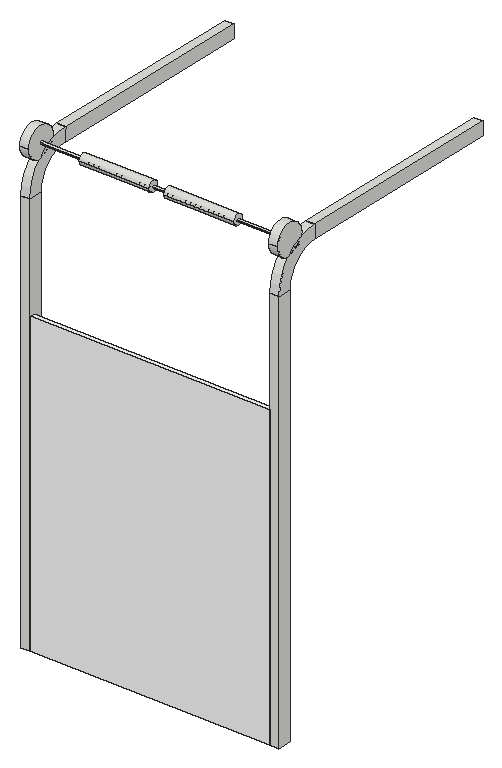
Revit family "Cruiserweight-LH", category Generic Models, host Wall, Revit 2026
Family settings
  Host = Wall
  Can host rebar = No
  Round Connector Dimension = Use Diameter
  Part Type = Normal
  Always vertical = Yes
  Cut with Voids When Loaded = Yes
  Maintain Annotation Orientation = No
  Shared = No
  Room Calculation Point = No
Parameters (values of type "8' x 10'")
  VerticalTrack = TrackHeight - (1' 6")  # 13' - 6"
  Type Comments = "Insulated"  # constant formula
  TrackWidth = 0' - 3 1/2"
  TrackHeight = OpeningHeight + HeadRoom  # 15' - 0"
  TrackDepth = 0' - 5 3/8"
  PanelSize = 2' - 0"  # constant formula
  OpeningWidth = 8' - 0"
  OpeningHeight = 10' - 0"
  Model = "Cruiserweight"  # constant formula
  Manufacturer = "TKO"  # constant formula
  HorizTrack = OpeningHeight - HeadRoom + 2' 0"  # 7' - 0"
  HeadRoom = 5' - 0"  # constant formula
  DoorThk = 0' - 1 3/4"  # constant formula
  Description = "Sectional Door"  # constant formula
  Default Elevation = 0' - 0"
Types (16): name | VerticalTrack | TrackHeight | TrackDepth | OpeningWidth | OpeningHeight | HorizTrack
  (no name) | 13' - 6" | 15' - 0" | 0' - 5 3/8" | 8' - 0" | 10' - 0" | 7' - 0"
  8' x 10' | 13' - 6" | 15' - 0" | 0' - 5 3/8" | 8' - 0" | 10' - 0" | 7' - 0"
  9' x 10' | 13' - 6" | 15' - 0" | 0' - 5 3/8" | 9' - 0" | 10' - 0" | 7' - 0"
  10' x 10' | 13' - 6" | 15' - 0" | 0' - 5 3/8" | 10' - 0" | 10' - 0" | 7' - 0"
  10' x 11' | 14' - 6" | 16' - 0" | 0' - 5 5/8" | 10' - 0" | 11' - 0" | 8' - 0"
  9' x 11' | 14' - 6" | 16' - 0" | 0' - 5 3/8" | 9' - 0" | 11' - 0" | 8' - 0"
  8' x 11' | 14' - 6" | 16' - 0" | 0' - 5 3/8" | 8' - 0" | 11' - 0" | 8' - 0"
  10' x 12' | 15' - 6" | 17' - 0" | 0' - 5 3/8" | 10' - 0" | 12' - 0" | 9' - 0"
  8' x 12' | 15' - 6" | 17' - 0" | 0' - 5 3/8" | 8' - 0" | 12' - 0" | 9' - 0"
  9' x 12' | 15' - 6" | 17' - 0" | 0' - 5 3/8" | 9' - 0" | 12' - 0" | 9' - 0"
  10' x 8' | 11' - 6" | 13' - 0" | 0' - 5 3/8" | 10' - 0" | 8' - 0" | 5' - 0"
  10' x 9' | 12' - 6" | 14' - 0" | 0' - 5 3/8" | 10' - 0" | 9' - 0" | 6' - 0"
  8' x 9' | 12' - 6" | 14' - 0" | 0' - 5 3/8" | 8' - 0" | 9' - 0" | 6' - 0"
  8' x 8' | 11' - 6" | 13' - 0" | 0' - 5 3/8" | 8' - 0" | 8' - 0" | 5' - 0"
  9' x 9' | 12' - 6" | 14' - 0" | 0' - 5 3/8" | 9' - 0" | 9' - 0" | 6' - 0"
  9' x 8' | 12' - 6" | 14' - 0" | 0' - 5 3/8" | 9' - 0" | 9' - 0" | 6' - 0"
Reference planes (in)
  plane 1: y = 0
  plane 2 "Center (Left/Right)": x = 0
  plane 3 "Wall Edge": y = 3
  plane 4: x = -48
  plane 5: x = 48
  plane 6: z = 120
  plane 7: y = 3
  plane 8: y = 4.75
  plane 9: z = 24
  plane 10: z = 48
  plane 11: z = 72
  plane 12: x = -51.5
  plane 13: x = 51.5
  plane 14: y = 8.375
  plane 15: z = 180
  plane 16: z = 96
  plane 17: z = 120
  plane 18: x = -3
  plane 19: x = 3
  plane 20: x = 31
  plane 21: x = -31
  plane 22: z = 162
  plane 23: y = 21
  plane 24: y = 105
Forms (in)
  Extrusion 1, void
    sketch origin (0, 3, 0) x (1, 0, 0) y (0, 0, 1)
      loop
        line (48, 120) -> (-48, 120) -> (-48, 0) -> (48, 0) -> (48, 120)
    from 0 to 6
  Extrusion 2, solid, material "DOOR PANEL"
    sketch origin (0, 0, 0) x (1, 0, 0) y (0, 1, 0)
      loop
        line (-48, 4.75) -> (-48, 3) -> (48, 3) -> (48, 4.75) -> (-48, 4.75)
    from 0 to 120
  Extrusion 3, solid, material "Steel"
    sketch origin (0, 0, 0) x (1, 0, 0) y (0, 1, 0)
      loop
        line (-51.5, 8.375) -> (-51.5, 3) -> (-48, 3) -> (-48, 8.375) -> (-51.5, 8.375)
      loop
        line (48, 8.375) -> (48, 3) -> (51.5, 3) -> (51.5, 8.375) -> (48, 8.375)
    from 0 to 162
  Extrusion 4, solid, material "Steel"
    sketch origin (0, 0, 0) x (0, 1, 0) y (0, 0, 1)
      loop
        circle (8.375, 180) r 6
    from 48 to 51.5
  Extrusion 5, solid, material "Steel"
    sketch origin (-3.5, 0, 21.84521) x (0, 1, 0) y (0, 0, -1)
      loop
        circle (8.375, -158.15479) r 6
    from 44.5 to 48
  Extrusion 6, solid, material "Steel"
    sketch origin (0, 0, 0) x (0, 1, 0) y (0, 0, 1)
      loop
        circle (8.375, 180) r 0.5
    from -48 to 48
  Extrusion 7, solid, material "Steel"
    sketch origin (0, 0, 0) x (0, 1, 0) y (0, 0, 1)
      loop
        circle (8.375, 180) r 2
    from 3 to 31
  Extrusion 8, solid, material "Steel"
    sketch origin (0, 0, 0) x (0, 1, 0) y (0, 0, -1)
      loop
        circle (8.375, -180) r 2
    from 3 to 31
  Extrusion 9, solid, material "Steel"
    sketch origin (0, 0, 0) x (0, 1, 0) y (0, 0, 1)
      loop
        line (3, 162) -> (8.375, 162)
        arc (8.375, 162) -> (12.07278, 170.92722) -> (21, 174.625) r 12.625
        line (21, 174.625) -> (21, 180)
        arc (21, 180) -> (8.27208, 174.72792) -> (3, 162) r 18
    from 48 to 51.5
  Extrusion 10, solid, material "Steel"
    sketch origin (0, 0, 0) x (0, 1, 0) y (0, 0, -1)
      loop
        arc (3, -162) -> (8.27208, -174.72792) -> (21, -180) r 18
        line (21, -180) -> (21, -174.625)
        arc (21, -174.625) -> (12.07278, -170.92722) -> (8.375, -162) r 12.625
        line (8.375, -162) -> (3, -162)
    from 48 to 51.5
  Extrusion 11, solid, material "Steel"
    sketch origin (0, 3, 0) x (1, 0, 0) y (0, 0, 1)
      loop
        line (-51.5, 180) -> (-51.5, 174.625) -> (-48, 174.625) -> (-48, 180) -> (-51.5, 180)
      loop
        line (51.5, 180) -> (48, 180) -> (48, 174.625) -> (51.5, 174.625) -> (51.5, 180)
    from -102 to -18
Cuts and joins
  joined: Extrusion 3, Extrusion 4, Extrusion 5
Lines and regions (in)
  model lines
    curve 1: line (48, 3, 24) -> (-48, 3, 24)
    curve 2: line (-48, 3, 48) -> (48, 3, 48)
    curve 3: line (48, 3, 72) -> (-48, 3, 72)
    curve 4: line (48, 3, 96) -> (-48, 3, 96)
    curve 5: line (48, 3, 120) -> (-48, 3, 120)
Text (in)
  text "Placement Side" at (0, 40.15149, 123.01588), in view "Right"
  text "Placement Side" at (-70.3804, 83.26548, 0), in view "Ref. Level"
  text "Placement Side" at (0, 81.62555, 140.59947), in view "Left"
Dimensions and locks (in)
  locked: plane 3 "Wall Edge" to host wall
  equal spacing: plane 5, plane 2 "Center (Left/Right)", plane 4
  "OpeningWidth": plane 5 to plane 4
  "DoorThk": plane 7 to plane 8
  "TrackDepth": plane 14 to plane 7
  "TrackWidth": plane 12 to plane 4
  "TrackWidth": plane 5 to plane 13
  "PanelSize": plane 9 to level
  equal spacing: plane 17, plane 16, plane 11, plane 10, plane 9, level
  "OpeningHeight": level to plane 6
  equal spacing: plane 18, plane 2 "Center (Left/Right)", plane 19, locked at 3 each
  locked: plane 21 to plane 18 at 28
  locked: plane 19 to plane 20 at 28
  "VerticalTrack": level to plane 22
  "HeadRoom": plane 6 to plane 15
  locked: plane 7 to plane 23 at 18
  "HorizTrack": plane 24 to plane 23
  radius of Extrusion 4 sketch curve = 0' - 6"
  radius of Extrusion 5 sketch curve = 0' - 6"
  radius of Extrusion 6 sketch curve = 0' - 0 1/2"
  radius of Extrusion 7 sketch curve = 0' - 2"
  radius of Extrusion 8 sketch curve = 0' - 2"
  radius of Extrusion 9 sketch curve = 1' - 6"
  radius of Extrusion 9 sketch curve = 1' - 0 5/8"
  radius of Extrusion 10 sketch curve = 1' - 6"
  radius of Extrusion 10 sketch curve = 1' - 0 5/8"
  aligned and locked: host wall to plane 7
  aligned and locked: Extrusion 1 sketch curve to plane 5
  aligned and locked: Extrusion 1 sketch curve to plane 4
  aligned and locked: Extrusion 1 to plane 7
  aligned and locked: host wall to Extrusion 1
  aligned and locked: Extrusion 2 to plane 3 "Wall Edge"
  aligned and locked: plane 8 to Extrusion 2
  aligned and locked: Extrusion 2 to plane 6
  aligned and locked: Extrusion 3 sketch curve to plane 14  (x2)
  aligned and locked: Extrusion 3 sketch curve to plane 12
  aligned and locked: curve 1 to Extrusion 3 sketch curve
  aligned and locked: plane 5 to Extrusion 3 sketch curve
  aligned and locked: Extrusion 3 sketch curve to plane 7
  aligned and locked: Extrusion 3 sketch curve to plane 13
  aligned and locked: plane 15 to Extrusion 4 sketch curve
  aligned and locked: Extrusion 3 to Extrusion 4 sketch curve
  aligned and locked: Extrusion 4 to plane 13
  aligned and locked: Extrusion 4 to plane 5
  aligned and locked: plane 4 to Extrusion 5
  aligned and locked: Extrusion 5 to plane 12
  aligned and locked: curve 2 to plane 10
  aligned and locked: curve 3 to plane 11
  aligned and locked: curve 1 to plane 9
  aligned and locked: cut or joined group of Extrusion 3, Extrusion 4, Extrusion 5 to Extrusion 6 sketch curve
  aligned and locked: plane 5 to Extrusion 6
  aligned and locked: Extrusion 6 to plane 4
  aligned and locked: cut or joined group of Extrusion 3, Extrusion 4, Extrusion 5 to level
  aligned and locked: Extrusion 2 to level
  aligned and locked: curve 4 to plane 16
  aligned and locked: curve 5 to plane 17
  aligned and locked: level to Extrusion 2
  aligned and locked: Extrusion 1 sketch curve to level
  aligned and locked: Extrusion 1 sketch curve to plane 6
  aligned and locked: plane 15 to Extrusion 7 sketch curve
  aligned and locked: plane 14 to Extrusion 7 sketch curve
  aligned and locked: Extrusion 7 to plane 20
  aligned and locked: plane 19 to Extrusion 7
  aligned and locked: Extrusion 8 to plane 18
  aligned and locked: plane 21 to Extrusion 8
  aligned and locked: plane 15 to Extrusion 8 sketch curve
  aligned and locked: Extrusion 8 sketch curve to plane 14
  aligned and locked: plane 22 to cut or joined group of Extrusion 3, Extrusion 4, Extrusion 5
  aligned and locked: Extrusion 9 sketch curve to cut or joined group of Extrusion 3, Extrusion 4, Extrusion 5
  aligned and locked: plane 23 to Extrusion 9 sketch curve
  aligned and locked: plane 22 to Extrusion 9 sketch curve
  aligned and locked: Extrusion 9 sketch curve to plane 23
  aligned and locked: cut or joined group of Extrusion 3, Extrusion 4, Extrusion 5 to Extrusion 9
  aligned and locked: Extrusion 9 to plane 5
  aligned and locked: plane 4 to Extrusion 10
  aligned and locked: plane 13 to Extrusion 9
  aligned and locked: plane 5 to Extrusion 9
  aligned and locked: Extrusion 11 sketch curve to Extrusion 10  (x4)
  aligned and locked: Extrusion 11 sketch curve to Extrusion 9  (x3)
  aligned and locked: Extrusion 9 to Extrusion 11 sketch curve
  aligned and locked: plane 24 to Extrusion 11
  aligned and locked: Extrusion 11 to plane 23
  aligned and locked: Extrusion 10 to plane 12
  aligned and locked: Extrusion 10 to plane 4
  aligned and locked: Extrusion 2 to plane 4
  aligned and locked: Extrusion 2 to plane 5
  aligned and locked: plane 15 to Extrusion 5 sketch curve
  aligned and locked: cut or joined group of Extrusion 3, Extrusion 4, Extrusion 5 to plane 4
Automatic sketch dimensions
  Extrusion 2 sketch curve to host wall = 0' - 0"
  Extrusion 2 sketch curve to plane 4 = 0' - 0"
  plane 5 to Extrusion 2 sketch curve = 0' - 0"
  Extrusion 2 sketch curve to plane 8 = 0' - 0"
  curve 3 to plane 4 = 0' - 0"
  curve 1 to plane 4 = 0' - 0"
  curve 2 to plane 4 = 0' - 0"
  curve 4 to plane 4 = 0' - 0"
  curve 5 to plane 4 = 0' - 0"
  curve 4 to plane 5 = 0' - 0"
  curve 2 to plane 5 = 0' - 0"
  curve 5 to plane 5 = 0' - 0"
  curve 1 to plane 5 = 0' - 0"
  curve 3 to plane 5 = 0' - 0"
  plane 4 to Extrusion 3 sketch curve = 0' - 0"
  Extrusion 3 sketch curve to plane 13 = 0' - 0"
  Extrusion 6 sketch curve to plane 15 = 0' - 0"
  Extrusion 10 sketch curve to Extrusion 10 sketch curve = 0' - 0"  (x2)
  Extrusion 10 sketch curve to host wall = 0' - 0"
  Extrusion 10 sketch curve to plane 15 = 0' - 0"
  Extrusion 5 sketch curve to plane 14 = 0' - 0"
